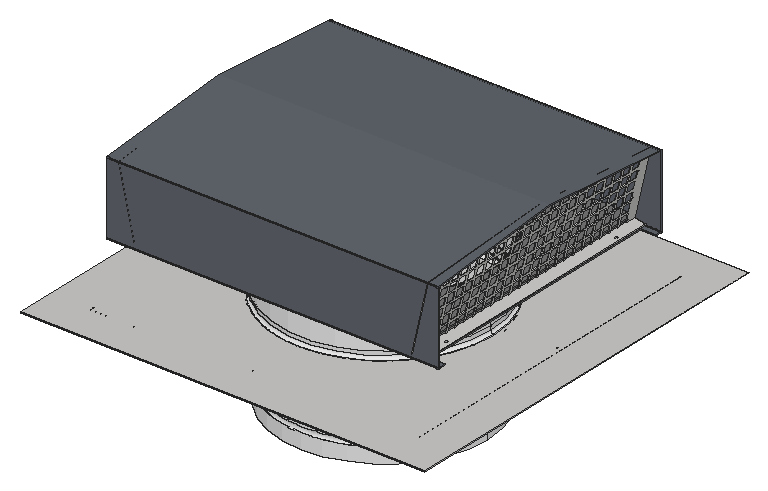
Revit family "315mm Roof Terminals BIM File", category Air Terminals, Revit 2024
Family settings
  Round Connector Dimension = Use Diameter
  Part Type = Normal
  Work Plane-Based = No
  Always vertical = Yes
  Cut with Voids When Loaded = No
  Maintain Annotation Orientation = No
  Shared = No
  Room Calculation Point = No
Parameters (values of type "315mm dia Slate Roof Terminal")
  URL = "http://www.arflow.com"
  Part number = "90001405"
  Pressure = 100.0 Pa
  Product name = "315mm Slate Roof Terminal"
  Manufacturer's name = "Airflow"
  Model = "315mm Slate Roof Terminal"
  Product URL link = "https://www.airflow.com/product/roof-cowls-and-slates/90001405"
  Manufacturer's URL link = "http://www.airflow.com"
  Installation instructions URL link = "https://www.airflow.com/product/roof-cowls-and-slates/90001405"
  Roof height (mm) = "140"  # constant formula
  Cap height (mm) = "82"  # constant formula
  Manufacturer = "Airflow"
  Manufacturer email = "info@airflow.com"
  Material 4 = ANJ010016 4
  Material 3 = ANJ010016 3'
  Material 2 = ANJ010016 2
  Material 1 = ANJ010016 1
  Extract air flow at 20 Pa (m3/h) = "1800"  # constant formula
  Supply air flow at 20 Pa (m3/h) = "1100"  # constant formula
  Flow rate = 236.111 L/s
  Lead dimensions (mm) = "590x590"  # constant formula
  Cap dimensions (mm) = "420x500"  # constant formula
  Connection diameter = 315 mm  # constant formula
  Default Elevation = 0 mm
Types (3, lengths in mm): name | URL | Part number | Product name | Model | Product URL link | Installation instructions URL link | Material 3 | Flow rate
  (no name) | "http://www.arflow.com" | "90001405" | "315mm Slate Roof Terminal" | "315mm Slate Roof Terminal" | "https://www.airflow.com/product/roof-cowls-and-slates/90001405" | "https://www.airflow.com/product/roof-cowls-and-slates/90001405" | ANJ010016 3' | 236.111 L/s
  315mm dia Terracotta Roof Terminal | "http://www.airflow.com" | "90001406" | "315mm Terracotta Roof Terminal" | "315mm Terracotta Roof Terminal" | "https://www.airflow.com/product/roof-cowls-and-slates/90001406" | "https://www.airflow.com/product/roof-cowls-and-slates/90001406" | ANJ010016 3 | 305.56 L/s
  315mm dia Slate Roof Terminal | "http://www.arflow.com" | "90001405" | "315mm Slate Roof Terminal" | "315mm Slate Roof Terminal" | "https://www.airflow.com/product/roof-cowls-and-slates/90001405" | "https://www.airflow.com/product/roof-cowls-and-slates/90001405" | ANJ010016 3' | 236.111 L/s
Reference planes
  plane 1 "Center (Front/Back)": y = 0
  plane 2: z = 0
  plane 3 "Center (Left/Right)": x = 0
Nested families
  nested 1: "ANJ010016 CTM" at (0, 0, 0), type "ANJ010016 CTM"
Connectors
  hvac at (0, 0, 0), driven by "Connection diameter", driven by "Flow rate", driven by "Pressure"
    settings: on level, index 1, duct flow 236.111 L/s, flow factor 0, pres drop 100.0 Pa, loss coef 0, conn angle 0.00°, conn width 304.8 mm, conn height 304.8 mm, conn diameter 315 mm, duct sys type 4, conn prof type 0, flow config 0, flow direction 0, loss method 4, conn ref index -1, conn util no, is conn primary yes, conn desc ""
Definition of nested family "ANJ010016 CTM"
  Parameters (values of type "ANJ010016 CTM")
    Version = "3"
    URL = "http://www.anjos-ventilation.com/"
    Polantis code = "ANJ010016"
    Model = "CTM"
    Manufacturer = "Anjos Ventilation"
    Email fabricant = "contact@anjos-ventilation.com "
    Matériel 4 = none
    Matériel 3 = none
    Matériel 2 = none
    Matériel 1 = none
    Débit à 20 Pa en rejet = ""
    Débit à 20 Pa en prise d'air = ""
    Default Elevation = 0 mm
  Reference planes
    plane 1 "Center (Front/Back)": y = 0
    plane 2: z = 0
    plane 3 "Center (Left/Right)": x = 0
  Forms (mm)
    Revolve 1, solid, material <- "Matériel 1"
      sketch origin (0, 0, 231.331) x (1, 0, 0) y (0, 0, 1)
        loop
          line (155.04, -68.331) -> (155.04, -86.566)
          arc (155.04, -86.566) -> (160.48, -93.301) -> (155.04, -100.037) r 6.89
          line (155.04, -100.037) -> (155.04, -182.813)
          arc (155.04, -182.813) -> (153.507, -187.462) -> (155.04, -192.111) r 7.819
          line (155.04, -192.111) -> (155.04, -199.729)
          arc (155.04, -199.729) -> (153.436, -204.534) -> (155.04, -209.339) r 8.001
          line (155.04, -209.339) -> (155.04, -231.331) -> (156.04, -231.331) -> (156.04, -208.993)
          arc (156.04, -208.993) -> (154.436, -204.534) -> (156.04, -200.075) r 7.001
          line (156.04, -200.075) -> (156.04, -191.769)
          arc (156.04, -191.769) -> (154.507, -187.462) -> (156.04, -183.155) r 6.819
          line (156.04, -183.155) -> (156.04, -100.801)
          arc (156.04, -100.801) -> (161.48, -93.301) -> (156.04, -85.801) r 7.89
          line (156.04, -85.801) -> (156.04, -68.331) -> (155.04, -68.331)
        axis (0, -68.331) -> (0, -231.331)
      angle from 0 to 360
    Extrusion 2, solid, material <- "Matériel 3"
      sketch origin (0, 0, 231.331) x (0, 0, 1) y (0, -1, 0)
        loop
          arc (100.218, -209.812) -> (118.852, -0.052) -> (100.218, 209.708) r 1189.895
          arc (100.218, 209.708) -> (99.622, 210.405) -> (98.71, 210.5) r 1.238
          line (98.71, 210.5) -> (-9.796, 210.5)
          arc (-9.796, 210.5) -> (-10.747, 209.806) -> (-10.75, 208.628) r 1.302
          line (-10.75, 208.628) -> (-9.75, 208.628)
          arc (-9.75, 208.628) -> (-9.761, 209.147) -> (-9.38, 209.5) r 0.632
          line (-9.38, 209.5) -> (98.491, 209.5)
          arc (98.491, 209.5) -> (99.147, 209.228) -> (99.419, 208.572) r 0.928
          arc (99.419, 208.572) -> (117.38, -0.099) -> (99.419, -208.769) r 1221.188
          arc (99.419, -208.769) -> (99.284, -209.215) -> (98.912, -209.494) r 0.747
          line (98.912, -209.494) -> (-8.365, -209.494)
          arc (-8.365, -209.494) -> (-9.088, -209.491) -> (-9.75, -209.2) r 1.781
          line (-9.75, -209.2) -> (-10.75, -209.2)
          arc (-10.75, -209.2) -> (-10.609, -210.033) -> (-9.906, -210.5) r 1.062
          line (-9.906, -210.5) -> (99.46, -210.5)
          arc (99.46, -210.5) -> (99.971, -210.302) -> (100.218, -209.812) r 0.761
      from -250 to 250
    Extrusion 3, solid, material <- "Matériel 4"
      sketch origin (-69.135, 0, 264.484) x (-0.224951, 0, 0.97437) y (0, 1, 0)
        loop
          line (-5.373, -160.5) -> (-5.373, -162.5) -> (9.559, -162.5) -> (9.559, -177.5) -> (-5.373, -177.5) -> (-5.373, -179.5) -> (9.559, -179.5) -> (9.559, -194.5) -> (-5.373, -194.5) -> (-5.373, -209.5) -> (101.141, -209.5)
          arc (101.141, -209.5) -> (119.263, -0.004) -> (101.177, 209.494) r 1221.188
          line (101.177, 209.494) -> (-5.373, 209.494) -> (-5.373, 194.5) -> (9.559, 194.5) -> (9.559, 179.5) -> (-5.373, 179.5) -> (-5.373, 177.5) -> (9.559, 177.5) -> (9.559, 162.5) -> (-5.373, 162.5) -> (-5.373, 160.5) -> (9.559, 160.5) -> (9.559, 145.5) -> (-5.373, 145.5) -> (-5.373, 143.5) -> (9.559, 143.5) -> (9.559, 128.5) -> (-5.373, 128.5) -> (-5.373, 126.5) -> (9.559, 126.5) -> (9.559, 111.5) -> (-5.373, 111.5) -> (-5.373, 109.5) -> (9.559, 109.5) -> (9.559, 94.5) -> (-5.373, 94.5) -> (-5.373, 92.5) -> (9.559, 92.5) -> (9.559, 77.5) -> (-5.373, 77.5) -> (-5.373, 75.5) -> (9.559, 75.5) -> (9.559, 60.5) -> (-5.373, 60.5) -> (-5.373, 58.5) -> (9.559, 58.5) -> (9.559, 43.5) -> (-5.373, 43.5) -> (-5.373, 41.5) -> (9.559, 41.5) -> (9.559, 26.5) -> (-5.373, 26.5) -> (-5.373, 24.5) -> (9.559, 24.5) -> (9.559, 9.5) -> (-5.373, 9.5) -> (-5.373, 7.5) -> (9.559, 7.5) -> (9.559, -7.5) -> (-5.373, -7.5) -> (-5.373, -9.5) -> (9.559, -9.5) -> (9.559, -24.5) -> (-5.373, -24.5) -> (-5.373, -26.5) -> (9.559, -26.5) -> (9.559, -41.5) -> (-5.373, -41.5) -> (-5.373, -43.5) -> (9.559, -43.5) -> (9.559, -58.5) -> (-5.373, -58.5) -> (-5.373, -60.5) -> (9.559, -60.5) -> (9.559, -75.5) -> (-5.373, -75.5) -> (-5.373, -77.5) -> (9.559, -77.5) -> (9.559, -92.5) -> (-5.373, -92.5) -> (-5.373, -94.5) -> (9.559, -94.5) -> (9.559, -109.5) -> (-5.373, -109.5) -> (-5.373, -111.5) -> (9.559, -111.5) -> (9.559, -126.5) -> (-5.373, -126.5) -> (-5.373, -128.5) -> (9.559, -128.5) -> (9.559, -143.5) -> (-5.373, -143.5) -> (-5.373, -145.5) -> (9.559, -145.5) -> (9.559, -160.5) -> (-5.373, -160.5)
        loop
          line (96.925, -160.5) -> (96.925, -145.5) -> (77.953, -145.5) -> (77.953, -160.5) -> (96.925, -160.5)
        loop
          line (59.065, -160.5) -> (59.065, -145.5) -> (44.504, -145.5) -> (44.504, -160.5) -> (59.065, -160.5)
        loop
          line (42.563, -160.5) -> (42.563, -145.5) -> (28.029, -145.5) -> (28.029, -160.5) -> (42.563, -160.5)
        loop
          line (26.061, -160.5) -> (26.061, -145.5) -> (11.5, -145.5) -> (11.5, -160.5) -> (26.061, -160.5)
        loop
          line (26.061, -143.5) -> (26.061, -128.5) -> (11.5, -128.5) -> (11.5, -143.5) -> (26.061, -143.5)
        loop
          line (28.029, -143.5) -> (42.563, -143.5) -> (42.563, -128.5) -> (28.029, -128.5) -> (28.029, -143.5)
        loop
          line (44.504, -143.5) -> (59.065, -143.5) -> (59.065, -128.5) -> (44.504, -128.5) -> (44.504, -143.5)
        loop
          line (101.827, -143.5) -> (101.827, -128.5) -> (77.953, -128.5) -> (77.953, -143.5) -> (101.827, -143.5)
        loop
          line (92.567, -94.5) -> (77.953, -94.5) -> (77.953, -109.5) -> (92.567, -109.5) -> (92.567, -94.5)
        loop
          line (59.065, -94.5) -> (44.504, -94.5) -> (44.504, -109.5) -> (59.065, -109.5) -> (59.065, -94.5)
        loop
          line (42.563, -94.5) -> (28.029, -94.5) -> (28.029, -109.5) -> (42.563, -109.5) -> (42.563, -94.5)
        loop
          line (26.061, -94.5) -> (11.5, -94.5) -> (11.5, -109.5) -> (26.061, -109.5) -> (26.061, -94.5)
        loop
          line (26.061, -111.5) -> (11.5, -111.5) -> (11.5, -126.5) -> (26.061, -126.5) -> (26.061, -111.5)
        loop
          line (28.029, -111.5) -> (28.029, -126.5) -> (42.563, -126.5) -> (42.563, -111.5) -> (28.029, -111.5)
        loop
          line (44.504, -111.5) -> (44.504, -126.5) -> (59.065, -126.5) -> (59.065, -111.5) -> (44.504, -111.5)
        loop
          line (92.567, -111.5) -> (77.953, -111.5) -> (77.953, -126.5) -> (92.567, -126.5) -> (92.567, -111.5)
        loop
          line (92.567, -92.5) -> (92.567, -77.5) -> (77.953, -77.5) -> (77.953, -92.5) -> (92.567, -92.5)
        loop
          line (59.065, -92.5) -> (59.065, -77.5) -> (44.504, -77.5) -> (44.504, -92.5) -> (59.065, -92.5)
        loop
          line (42.563, -92.5) -> (42.563, -77.5) -> (28.029, -77.5) -> (28.029, -92.5) -> (42.563, -92.5)
        loop
          line (26.061, -92.5) -> (26.061, -77.5) -> (11.5, -77.5) -> (11.5, -92.5) -> (26.061, -92.5)
        loop
          line (26.061, -75.5) -> (26.061, -60.5) -> (11.5, -60.5) -> (11.5, -75.5) -> (26.061, -75.5)
        loop
          line (28.029, -75.5) -> (42.563, -75.5) -> (42.563, -60.5) -> (28.029, -60.5) -> (28.029, -75.5)
        loop
          line (44.504, -75.5) -> (59.065, -75.5) -> (59.065, -60.5) -> (44.504, -60.5) -> (44.504, -75.5)
        loop
          line (92.52, -75.5) -> (92.52, -60.5) -> (77.953, -60.5) -> (77.953, -75.5) -> (92.52, -75.5)
        loop
          line (92.567, -26.5) -> (77.953, -26.5) -> (77.953, -41.5) -> (92.567, -41.5) -> (92.567, -26.5)
        loop
          line (59.065, -26.5) -> (44.504, -26.5) -> (44.504, -41.5) -> (59.065, -41.5) -> (59.065, -26.5)
        loop
          line (42.563, -26.5) -> (28.029, -26.5) -> (28.029, -41.5) -> (42.563, -41.5) -> (42.563, -26.5)
        loop
          line (26.061, -26.5) -> (11.5, -26.5) -> (11.5, -41.5) -> (26.061, -41.5) -> (26.061, -26.5)
        loop
          line (26.061, -43.5) -> (11.5, -43.5) -> (11.5, -58.5) -> (26.061, -58.5) -> (26.061, -43.5)
        loop
          line (28.029, -43.5) -> (28.029, -58.5) -> (42.563, -58.5) -> (42.563, -43.5) -> (28.029, -43.5)
        loop
          line (44.504, -43.5) -> (44.504, -58.5) -> (59.065, -58.5) -> (59.065, -43.5) -> (44.504, -43.5)
        loop
          line (92.52, -43.5) -> (77.953, -43.5) -> (77.953, -58.5) -> (92.52, -58.5) -> (92.52, -43.5)
        loop
          line (92.567, -24.5) -> (92.567, -9.5) -> (77.953, -9.5) -> (77.953, -24.5) -> (92.567, -24.5)
        loop
          line (59.065, -24.5) -> (59.065, -9.5) -> (44.504, -9.5) -> (44.504, -24.5) -> (59.065, -24.5)
        loop
          line (42.563, -24.5) -> (42.563, -9.5) -> (28.029, -9.5) -> (28.029, -24.5) -> (42.563, -24.5)
        loop
          line (26.061, -24.5) -> (26.061, -9.5) -> (11.5, -9.5) -> (11.5, -24.5) -> (26.061, -24.5)
        loop
          line (26.061, -7.5) -> (26.061, 7.5) -> (11.5, 7.5) -> (11.5, -7.5) -> (26.061, -7.5)
        loop
          line (28.029, -7.5) -> (42.563, -7.5) -> (42.563, 7.5) -> (28.029, 7.5) -> (28.029, -7.5)
        loop
          line (44.504, -7.5) -> (59.065, -7.5) -> (59.065, 7.5) -> (44.504, 7.5) -> (44.504, -7.5)
        loop
          line (92.52, -7.5) -> (92.52, 7.5) -> (77.953, 7.5) -> (77.953, -7.5) -> (92.52, -7.5)
        loop
          line (92.567, 41.5) -> (77.953, 41.5) -> (77.953, 26.5) -> (92.567, 26.5) -> (92.567, 41.5)
        loop
          line (59.065, 41.5) -> (44.504, 41.5) -> (44.504, 26.5) -> (59.065, 26.5) -> (59.065, 41.5)
        loop
          line (42.563, 41.5) -> (28.029, 41.5) -> (28.029, 26.5) -> (42.563, 26.5) -> (42.563, 41.5)
        loop
          line (26.061, 41.5) -> (11.5, 41.5) -> (11.5, 26.5) -> (26.061, 26.5) -> (26.061, 41.5)
        loop
          line (26.061, 24.5) -> (11.5, 24.5) -> (11.5, 9.5) -> (26.061, 9.5) -> (26.061, 24.5)
        loop
          line (28.029, 24.5) -> (28.029, 9.5) -> (42.563, 9.5) -> (42.563, 24.5) -> (28.029, 24.5)
        loop
          line (44.504, 24.5) -> (44.504, 9.5) -> (59.065, 9.5) -> (59.065, 24.5) -> (44.504, 24.5)
        loop
          line (92.567, 24.5) -> (77.953, 24.5) -> (77.953, 9.5) -> (92.567, 9.5) -> (92.567, 24.5)
        loop
          line (92.567, 43.5) -> (92.567, 58.5) -> (77.953, 58.5) -> (77.953, 43.5) -> (92.567, 43.5)
        loop
          line (59.065, 43.5) -> (59.065, 58.5) -> (44.504, 58.5) -> (44.504, 43.5) -> (59.065, 43.5)
        loop
          line (42.563, 43.5) -> (42.563, 58.5) -> (28.029, 58.5) -> (28.029, 43.5) -> (42.563, 43.5)
        loop
          line (26.061, 43.5) -> (26.061, 58.5) -> (11.5, 58.5) -> (11.5, 43.5) -> (26.061, 43.5)
        loop
          line (26.061, 60.5) -> (26.061, 75.5) -> (11.5, 75.5) -> (11.5, 60.5) -> (26.061, 60.5)
        loop
          line (28.029, 60.5) -> (42.563, 60.5) -> (42.563, 75.5) -> (28.029, 75.5) -> (28.029, 60.5)
        loop
          line (44.504, 60.5) -> (59.065, 60.5) -> (59.065, 75.5) -> (44.504, 75.5) -> (44.504, 60.5)
        loop
          line (92.567, 60.5) -> (92.567, 75.5) -> (77.953, 75.5) -> (77.953, 60.5) -> (92.567, 60.5)
        loop
          line (92.567, 109.5) -> (77.94, 109.5) -> (77.94, 94.5) -> (92.567, 94.5) -> (92.567, 109.5)
        loop
          line (59.065, 109.5) -> (44.504, 109.5) -> (44.504, 94.5) -> (59.065, 94.5) -> (59.065, 109.5)
        loop
          line (42.563, 109.5) -> (28.029, 109.5) -> (28.029, 94.5) -> (42.563, 94.5) -> (42.563, 109.5)
        loop
          line (26.061, 109.5) -> (11.5, 109.5) -> (11.5, 94.5) -> (26.061, 94.5) -> (26.061, 109.5)
        loop
          line (26.061, 92.5) -> (11.5, 92.5) -> (11.5, 77.5) -> (26.061, 77.5) -> (26.061, 92.5)
        loop
          line (28.029, 92.5) -> (28.029, 77.5) -> (42.563, 77.5) -> (42.563, 92.5) -> (28.029, 92.5)
        loop
          line (44.504, 92.5) -> (44.504, 77.5) -> (59.065, 77.5) -> (59.065, 92.5) -> (44.504, 92.5)
        loop
          line (92.567, 92.5) -> (77.953, 92.5) -> (77.953, 77.5) -> (92.567, 77.5) -> (92.567, 92.5)
        loop
          line (92.567, 111.5) -> (92.567, 126.5) -> (77.963, 126.5) -> (77.963, 111.5) -> (92.567, 111.5)
        loop
          line (59.065, 111.5) -> (59.065, 126.5) -> (44.504, 126.5) -> (44.504, 111.5) -> (59.065, 111.5)
        loop
          line (42.563, 111.5) -> (42.563, 126.5) -> (28.029, 126.5) -> (28.029, 111.5) -> (42.563, 111.5)
        loop
          line (26.061, 111.5) -> (26.061, 126.5) -> (11.5, 126.5) -> (11.5, 111.5) -> (26.061, 111.5)
        loop
          line (26.061, 128.5) -> (26.061, 143.5) -> (11.5, 143.5) -> (11.5, 128.5) -> (26.061, 128.5)
        loop
          line (28.029, 128.5) -> (42.563, 128.5) -> (42.563, 143.5) -> (28.029, 143.5) -> (28.029, 128.5)
        loop
          line (44.504, 128.5) -> (59.065, 128.5) -> (59.065, 143.5) -> (44.504, 143.5) -> (44.504, 128.5)
        loop
          line (101.827, 128.5) -> (101.827, 143.5) -> (77.963, 143.5) -> (77.963, 128.5) -> (101.827, 128.5)
        loop
          line (26.061, 160.5) -> (11.5, 160.5) -> (11.5, 145.5) -> (26.061, 145.5) -> (26.061, 160.5)
        loop
          line (28.029, 160.5) -> (28.029, 145.5) -> (42.563, 145.5) -> (42.563, 160.5) -> (28.029, 160.5)
        loop
          line (44.937, 160.5) -> (44.937, 145.5) -> (59.065, 145.5) -> (59.065, 160.5) -> (44.937, 160.5)
        loop
          line (99.046, 160.5) -> (77.94, 160.5) -> (77.94, 145.5) -> (99.046, 145.5) -> (99.046, 160.5)
        loop
          line (105.04, -126.5) -> (105.04, -111.5) -> (95.295, -111.5) -> (95.295, -126.5) -> (105.04, -126.5)
        loop
          line (107.836, -109.5) -> (107.836, -94.5) -> (95.281, -94.5) -> (95.281, -109.5) -> (107.836, -109.5)
        loop
          line (110.263, -92.5) -> (110.263, -77.5) -> (95.267, -77.5) -> (95.267, -92.5) -> (110.263, -92.5)
        loop
          line (112.185, -75.5) -> (112.185, -60.5) -> (95.295, -60.5) -> (95.295, -75.5) -> (112.185, -75.5)
        loop
          line (113.981, -58.5) -> (113.981, -43.5) -> (95.294, -43.5) -> (95.294, -58.5) -> (113.981, -58.5)
        loop
          line (114.922, -41.5) -> (114.922, -26.5) -> (95.295, -26.5) -> (95.295, -41.5) -> (114.922, -41.5)
        loop
          line (115.689, -24.5) -> (115.689, -9.5) -> (95.295, -9.5) -> (95.295, -24.5) -> (115.689, -24.5)
        loop
          line (116.174, -7.5) -> (116.174, 7.5) -> (95.295, 7.5) -> (95.295, -7.5) -> (116.174, -7.5)
        loop
          line (95.295, 9.5) -> (115.727, 9.5) -> (115.727, 24.5) -> (95.295, 24.5) -> (95.295, 9.5)
        loop
          line (95.295, 26.5) -> (114.922, 26.5) -> (114.922, 41.5) -> (95.295, 41.5) -> (95.295, 26.5)
        loop
          line (113.981, 43.5) -> (113.981, 58.5) -> (95.297, 58.5) -> (95.297, 43.5) -> (113.981, 43.5)
        loop
          line (112.185, 60.5) -> (112.185, 75.5) -> (95.295, 75.5) -> (95.295, 60.5) -> (112.185, 60.5)
        loop
          line (110.263, 77.5) -> (110.263, 92.5) -> (95.295, 92.5) -> (95.295, 77.5) -> (110.263, 77.5)
        loop
          line (107.836, 94.5) -> (107.836, 109.5) -> (95.295, 109.5) -> (95.295, 94.5) -> (107.836, 94.5)
        loop
          line (105.04, 111.5) -> (105.04, 126.5) -> (95.293, 126.5) -> (95.293, 111.5) -> (105.04, 111.5)
        loop
          line (26.061, 177.5) -> (11.5, 177.5) -> (11.5, 162.5) -> (26.061, 162.5) -> (26.061, 177.5)
        loop
          line (28.029, 177.5) -> (28.029, 162.5) -> (42.563, 162.5) -> (42.563, 177.5) -> (28.029, 177.5)
        loop
          line (44.937, 177.5) -> (44.937, 162.5) -> (59.065, 162.5) -> (59.065, 177.5) -> (44.937, 177.5)
        loop
          line (96.925, 177.5) -> (77.953, 177.5) -> (77.953, 162.5) -> (96.925, 162.5) -> (96.925, 177.5)
        loop
          line (26.061, 194.5) -> (11.5, 194.5) -> (11.5, 179.5) -> (26.061, 179.5) -> (26.061, 194.5)
        loop
          line (28.029, 194.5) -> (28.029, 179.5) -> (42.563, 179.5) -> (42.563, 194.5) -> (28.029, 194.5)
        loop
          line (44.937, 194.5) -> (44.937, 179.5) -> (59.065, 179.5) -> (59.065, 194.5) -> (44.937, 194.5)
        loop
          line (93.861, 194.5) -> (77.965, 194.5) -> (77.965, 179.5) -> (93.861, 179.5) -> (93.861, 194.5)
        loop
          line (26.061, -177.5) -> (26.061, -162.5) -> (11.5, -162.5) -> (11.5, -177.5) -> (26.061, -177.5)
        loop
          line (28.029, -177.5) -> (42.563, -177.5) -> (42.563, -162.5) -> (28.029, -162.5) -> (28.029, -177.5)
        loop
          line (44.937, -177.5) -> (59.065, -177.5) -> (59.065, -162.5) -> (44.937, -162.5) -> (44.937, -177.5)
        loop
          line (96.925, -177.5) -> (96.925, -162.5) -> (77.953, -162.5) -> (77.953, -177.5) -> (96.925, -177.5)
        loop
          line (26.061, -194.5) -> (26.061, -179.5) -> (11.5, -179.5) -> (11.5, -194.5) -> (26.061, -194.5)
        loop
          line (28.029, -194.5) -> (42.563, -194.5) -> (42.563, -179.5) -> (28.029, -179.5) -> (28.029, -194.5)
        loop
          line (44.937, -194.5) -> (59.065, -194.5) -> (59.065, -179.5) -> (44.937, -179.5) -> (44.937, -194.5)
        loop
          line (93.861, -194.5) -> (93.861, -179.5) -> (77.953, -179.5) -> (77.953, -194.5) -> (93.861, -194.5)
        loop
          line (75.565, -160.5) -> (75.565, -145.5) -> (61.004, -145.5) -> (61.004, -160.5) -> (75.565, -160.5)
        loop
          line (61.004, -143.5) -> (75.565, -143.5) -> (75.565, -128.5) -> (61.004, -128.5) -> (61.004, -143.5)
        loop
          line (75.565, -94.5) -> (61.004, -94.5) -> (61.004, -109.5) -> (75.565, -109.5) -> (75.565, -94.5)
        loop
          line (61.004, -111.5) -> (61.004, -126.5) -> (75.565, -126.5) -> (75.565, -111.5) -> (61.004, -111.5)
        loop
          line (75.565, -92.5) -> (75.565, -77.5) -> (61.004, -77.5) -> (61.004, -92.5) -> (75.565, -92.5)
        loop
          line (61.004, -75.5) -> (75.565, -75.5) -> (75.565, -60.5) -> (61.004, -60.5) -> (61.004, -75.5)
        loop
          line (75.565, -26.5) -> (61.004, -26.5) -> (61.004, -41.5) -> (75.565, -41.5) -> (75.565, -26.5)
        loop
          line (61.004, -43.5) -> (61.004, -58.5) -> (75.565, -58.5) -> (75.565, -43.5) -> (61.004, -43.5)
        loop
          line (75.565, -24.5) -> (75.565, -9.5) -> (61.004, -9.5) -> (61.004, -24.5) -> (75.565, -24.5)
        loop
          line (61.004, -7.5) -> (75.565, -7.5) -> (75.565, 7.5) -> (61.004, 7.5) -> (61.004, -7.5)
        loop
          line (75.565, 41.5) -> (61.004, 41.5) -> (61.004, 26.5) -> (75.565, 26.5) -> (75.565, 41.5)
        loop
          line (61.004, 24.5) -> (61.004, 9.5) -> (75.565, 9.5) -> (75.565, 24.5) -> (61.004, 24.5)
        loop
          line (75.565, 43.5) -> (75.565, 58.5) -> (61.004, 58.5) -> (61.004, 43.5) -> (75.565, 43.5)
        loop
          line (61.004, 60.5) -> (75.565, 60.5) -> (75.565, 75.5) -> (61.004, 75.5) -> (61.004, 60.5)
        loop
          line (75.565, 109.5) -> (61.004, 109.5) -> (61.004, 94.5) -> (75.565, 94.5) -> (75.565, 109.5)
        loop
          line (61.004, 92.5) -> (61.004, 77.5) -> (75.565, 77.5) -> (75.565, 92.5) -> (61.004, 92.5)
        loop
          line (75.565, 111.5) -> (75.565, 126.5) -> (61.004, 126.5) -> (61.004, 111.5) -> (75.565, 111.5)
        loop
          line (61.004, 128.5) -> (75.565, 128.5) -> (75.565, 143.5) -> (61.004, 143.5) -> (61.004, 128.5)
        loop
          line (61.437, 160.5) -> (61.437, 145.5) -> (75.565, 145.5) -> (75.565, 160.5) -> (61.437, 160.5)
        loop
          line (61.437, 177.5) -> (61.437, 162.5) -> (75.565, 162.5) -> (75.565, 177.5) -> (61.437, 177.5)
        loop
          line (61.437, 194.5) -> (61.437, 179.5) -> (75.565, 179.5) -> (75.565, 194.5) -> (61.437, 194.5)
        loop
          line (61.437, -177.5) -> (75.565, -177.5) -> (75.565, -162.5) -> (61.437, -162.5) -> (61.437, -177.5)
        loop
          line (61.437, -194.5) -> (75.565, -194.5) -> (75.565, -179.5) -> (61.437, -179.5) -> (61.437, -194.5)
      from 144.44 to 145.528
    Extrusion 4, solid, material <- "Matériel 4"
      sketch origin (-68.708, 0, 261.057) x (0.978148, 0, 0.207912) y (0, -1, 0)
        loop
          line (-163, 209.5) -> (-163, -209.494) -> (-145.122, -209.494) -> (-145.122, 209.5) -> (-163, 209.5)
        loop
          circle (-157.496, 160.006) r 1.745
        loop
          circle (-157.506, -159.999) r 1.744
      from 3.495 to 4.698
    Extrusion 5, solid, material <- "Matériel 3"
      sketch origin (0, 43.5, 210.831) x (0, -1, 0) y (1, 0, 0)
        loop
          line (-155.5, -250) -> (-155.5, 250) -> (-165.7, 250) -> (-165.7, -250) -> (-155.5, -250)
        loop
          circle (-160.001, -156.914) r 1.765
        loop
          circle (-159.96, 0.074) r 1.724
        loop
          arc (-158.4, 157.71) -> (-160.756, 158.711) -> (-161.698, 156.33) r 1.788
          arc (-161.698, 156.33) -> (-159.359, 155.371) -> (-158.4, 157.71) r 1.788
      from 9.75 to 10.75
    Extrusion 6, solid, material <- "Matériel 3"
      sketch origin (0, -42.928, 210.831) x (0, -1, 0) y (1, 0, 0)
        loop
          line (155.5, -250) -> (165.7, -250) -> (165.7, 250) -> (155.5, 250) -> (155.5, -250)
        loop
          circle (160.001, -156.914) r 1.765
        loop
          circle (159.96, 0.074) r 1.724
        loop
          arc (158.4, 157.71) -> (159.359, 155.371) -> (161.698, 156.33) r 1.788
          arc (161.698, 156.33) -> (160.756, 158.711) -> (158.4, 157.71) r 1.788
      from 9.75 to 10.75
    Sweep 7, solid, material <- "Matériel 2"
      path origin (0, 0, 231.331) x (0, -1, 0) y (1, 0, 0)
        loop
          circle (0, 0) r 155
      profile origin (-155, 0, 231.331) x (1, 0, 0) y (0, 0, 1)
        loop
          line (-6.454, 0.043) -> (-6.454, -0.957)
          arc (-6.454, -0.957) -> (-3.584, -2.153) -> (-2.411, -5.033) r 4.043
          line (-2.411, -5.033) -> (-1.999, -10.925) -> (-0.472, -16.25) -> (0.568, -16.25) -> (-1.009, -10.75) -> (-1.411, -5)
          arc (-1.411, -5) -> (-2.888, -1.434) -> (-6.454, 0.043) r 5.043
    Extrusion 8, solid, material <- "Matériel 2"
      sketch origin (0, -0.014, 227.06) x (0, -1, 0) y (1, 0, 0)
        loop
          line (209.486, -209.5) -> (209.486, 209.5) -> (-209.509, 209.5) -> (-209.509, -209.5) -> (209.486, -209.5)
        loop
          circle (0, 0) r 161.5
      from 3.314 to 4.271
    Extrusion 9, solid, material <- "Matériel 2"
      sketch origin (0, 0, 231.331) x (0, 0, 1) y (0, -1, 0)
        loop
          line (0, -165) -> (-8.953, -165) -> (-8.953, -154.95) -> (-9.75, -154.95) -> (-9.75, -165)
          arc (-9.75, -165) -> (-9.53, -165.53) -> (-9, -165.75) r 0.75
          line (-9, -165.75) -> (-0.75, -165.75)
          arc (-0.75, -165.75) -> (-0.22, -165.53) -> (0, -165) r 0.75
      from -135 to 134.823
    Extrusion 10, solid, material <- "Matériel 2"
      sketch origin (-64.601, 0, 231.331) x (1, 0, 0) y (0, 0, 1)
        loop
          line (-153, -8.99) -> (-153, -9.971) -> (-135, -0.981) -> (-135, 0) -> (-153, -8.99)
      from -209.494 to 209.5
    Extrusion 11, solid, material <- "Matériel 2"
      sketch origin (-64.601, 0, 212.371) x (0, -1, 0) y (1, 0, 0)
        loop
          line (198.428, -163) -> (198.428, -153) -> (-199, -153) -> (-199, -163) -> (198.428, -163)
        loop
          circle (160.001, -157) r 1.749
        loop
          circle (-160, -157) r 1.75
      from 9 to 9.97
    Extrusion 12, solid, material <- "Matériel 4"
      sketch origin (0, 0.022, 55.646) x (0, -1, 0) y (1, 0, 0)
        loop
          line (305, -305) -> (305, 305) -> (-305, 305) -> (-305, -305) -> (305, -305)
        loop
          circle (0, 0) r 164.2
      from 87.389 to 88.289
    Extrusion 13, solid, material <- "Matériel 1"
      sketch origin (0, 0.022, 54.746) x (0, -1, 0) y (1, 0, 0)
        loop
          line (248.5, -248.5) -> (248.5, 248.5) -> (-248.5, 248.5) -> (-248.5, -248.5) -> (248.5, -248.5)
        loop
          arc (244.736, -242.739) -> (242.775, -241.261) -> (241.265, -243.227) r 1.753
          arc (241.265, -243.227) -> (243.246, -244.734) -> (244.736, -242.739) r 1.753
        loop
          circle (243, -1.8) r 1.75
        loop
          circle (243, 243) r 1.75
        loop
          circle (-21.992, 243) r 1.742
        loop
          circle (-243.007, 243) r 1.757
        loop
          arc (-241.383, 0.67) -> (-243.434, 1.681) -> (-244.77, -0.175) r 1.77
          arc (-244.77, -0.175) -> (-242.578, -1.754) -> (-241.383, 0.67) r 1.77
        loop
          arc (-241.25, -243) -> (-243.187, -241.22) -> (-244.711, -243.364) r 1.754
          arc (-244.711, -243.364) -> (-242.82, -244.708) -> (-241.25, -243) r 1.754
        loop
          arc (23.75, -243) -> (21.938, -241.239) -> (20.253, -243.122) r 1.751
          arc (20.253, -243.122) -> (22.06, -244.739) -> (23.75, -243) r 1.751
        loop
          circle (0, 0) r 162.1
      from 87.662 to 88.289
    Revolve 14, solid, material <- "Matériel 1"
      sketch origin (0, 0.001, 230.76) x (1, 0, 0) y (0, 0, 1)
        loop
          line (159.935, -3.422) -> (159.184, -3.694) -> (159.184, -79.958) -> (159.055, -81.808)
          arc (159.055, -81.808) -> (160.411, -85.826) -> (164.221, -87.689) r 5.506
          line (164.221, -87.689) -> (164.221, -86.825)
          arc (164.221, -86.825) -> (161.13, -85.225) -> (159.984, -81.939) r 4.706
          line (159.984, -81.939) -> (160.373, -76.372) -> (159.935, -3.422)
        axis (0, -3.422) -> (0, -87.689)
      angle from 0 to 360
    Extrusion 15, solid, material <- "Matériel 2"
      sketch origin (0.141, -57.547, 234.645) x (0, 0, 1) y (0, -1, 0)
        loop
          line (2, 118.5) -> (0, 118.5) -> (0, 99.241)
          arc (0, 99.241) -> (-0.803, 97.303) -> (-2.741, 96.5) r 2.741
          line (-2.741, 96.5) -> (-33, 96.5) -> (-33, 94.5) -> (-2, 94.5)
          arc (-2, 94.5) -> (0.828, 95.672) -> (2, 98.5) r 4
          line (2, 98.5) -> (2, 118.5)
      from -10.978 to 11.034
    Sweep 16, void
      path origin (-989.824, -504.306, 0) x (1, 0, 0) y (0, 1, 0)
        loop
          line (990.286, 358.96) -> (990.286, 343.96)
      profile origin (0.461, -152.846, 0) x (1, 0, 0) y (0, 0, 1)
        loop
          circle (-0.286, 212.416) r 2.5
    Extrusion 17, solid, material <- "Matériel 2"
      sketch origin (0.141, 57.547, 234.645) x (0, 0, 1) y (0, -1, 0)
        loop
          line (2, -118.5) -> (2, -98.5)
          arc (2, -98.5) -> (0.828, -95.672) -> (-2, -94.5) r 4
          line (-2, -94.5) -> (-33, -94.5) -> (-33, -96.5) -> (-2.741, -96.5)
          arc (-2.741, -96.5) -> (-0.803, -97.303) -> (0, -99.241) r 2.741
          line (0, -99.241) -> (0, -118.5) -> (2, -118.5)
      from -10.978 to 11.034
    Sweep 18, void
      path origin (-989.824, 504.306, 0) x (1, 0, 0) y (0, 1, 0)
        loop
          line (990.286, -358.96) -> (990.286, -343.96)
      profile origin (0.461, 152.846, 0) x (-1, 0, 0) y (0, 0, 1)
        loop
          circle (0.286, 212.416) r 2.5
    Extrusion 19, solid, material <- "Matériel 4"
      sketch origin (68.708, 0, 261.057) x (-0.978148, 0, 0.207912) y (0, 1, 0)
        loop
          line (-163, -209.5) -> (-145.122, -209.5) -> (-145.122, 209.494) -> (-163, 209.494) -> (-163, -209.5)
        loop
          circle (-157.496, -160.006) r 1.745
        loop
          circle (-157.506, 159.999) r 1.744
      from 3.495 to 4.698
    Extrusion 20, solid, material <- "Matériel 2"
      sketch origin (64.601, 0, 231.331) x (-1, 0, 0) y (0, 0, -1)
        loop
          line (-153, 8.99) -> (-135, 0) -> (-135, 0.981) -> (-153, 9.971) -> (-153, 8.99)
      from -209.494 to 209.5
    Extrusion 21, solid, material <- "Matériel 2"
      sketch origin (64.601, 0, 212.371) x (0, 1, 0) y (-1, 0, 0)
        loop
          line (-198.428, -163) -> (199, -163) -> (199, -153) -> (-198.428, -153) -> (-198.428, -163)
        loop
          circle (-160.001, -157) r 1.749
        loop
          circle (160, -157) r 1.75
      from 9 to 9.97
    Extrusion 22, solid, material <- "Matériel 4"
      sketch origin (69.135, 0, 264.484) x (0.224951, 0, 0.97437) y (0, -1, 0)
        loop
          line (-5.373, 160.5) -> (9.559, 160.5) -> (9.559, 145.5) -> (-5.373, 145.5) -> (-5.373, 143.5) -> (9.559, 143.5) -> (9.559, 128.5) -> (-5.373, 128.5) -> (-5.373, 126.5) -> (9.559, 126.5) -> (9.559, 111.5) -> (-5.373, 111.5) -> (-5.373, 109.5) -> (9.559, 109.5) -> (9.559, 94.5) -> (-5.373, 94.5) -> (-5.373, 92.5) -> (9.559, 92.5) -> (9.559, 77.5) -> (-5.373, 77.5) -> (-5.373, 75.5) -> (9.559, 75.5) -> (9.559, 60.5) -> (-5.373, 60.5) -> (-5.373, 58.5) -> (9.559, 58.5) -> (9.559, 43.5) -> (-5.373, 43.5) -> (-5.373, 41.5) -> (9.559, 41.5) -> (9.559, 26.5) -> (-5.373, 26.5) -> (-5.373, 24.5) -> (9.559, 24.5) -> (9.559, 9.5) -> (-5.373, 9.5) -> (-5.373, 7.5) -> (9.559, 7.5) -> (9.559, -7.5) -> (-5.373, -7.5) -> (-5.373, -9.5) -> (9.559, -9.5) -> (9.559, -24.5) -> (-5.373, -24.5) -> (-5.373, -26.5) -> (9.559, -26.5) -> (9.559, -41.5) -> (-5.373, -41.5) -> (-5.373, -43.5) -> (9.559, -43.5) -> (9.559, -58.5) -> (-5.373, -58.5) -> (-5.373, -60.5) -> (9.559, -60.5) -> (9.559, -75.5) -> (-5.373, -75.5) -> (-5.373, -77.5) -> (9.559, -77.5) -> (9.559, -92.5) -> (-5.373, -92.5) -> (-5.373, -94.5) -> (9.559, -94.5) -> (9.559, -109.5) -> (-5.373, -109.5) -> (-5.373, -111.5) -> (9.559, -111.5) -> (9.559, -126.5) -> (-5.373, -126.5) -> (-5.373, -128.5) -> (9.559, -128.5) -> (9.559, -143.5) -> (-5.373, -143.5) -> (-5.373, -145.5) -> (9.559, -145.5) -> (9.559, -160.5) -> (-5.373, -160.5) -> (-5.373, -162.5) -> (9.559, -162.5) -> (9.559, -177.5) -> (-5.373, -177.5) -> (-5.373, -179.5) -> (9.559, -179.5) -> (9.559, -194.5) -> (-5.373, -194.5) -> (-5.373, -209.494) -> (101.177, -209.494)
          arc (101.177, -209.494) -> (119.263, 0.004) -> (101.141, 209.5) r 1221.188
          line (101.141, 209.5) -> (-5.373, 209.5) -> (-5.373, 194.5) -> (9.559, 194.5) -> (9.559, 179.5) -> (-5.373, 179.5) -> (-5.373, 177.5) -> (9.559, 177.5) -> (9.559, 162.5) -> (-5.373, 162.5) -> (-5.373, 160.5)
        loop
          line (96.925, 160.5) -> (77.953, 160.5) -> (77.953, 145.5) -> (96.925, 145.5) -> (96.925, 160.5)
        loop
          line (59.065, 160.5) -> (44.504, 160.5) -> (44.504, 145.5) -> (59.065, 145.5) -> (59.065, 160.5)
        loop
          line (42.563, 160.5) -> (28.029, 160.5) -> (28.029, 145.5) -> (42.563, 145.5) -> (42.563, 160.5)
        loop
          line (26.061, 160.5) -> (11.5, 160.5) -> (11.5, 145.5) -> (26.061, 145.5) -> (26.061, 160.5)
        loop
          line (26.061, 143.5) -> (11.5, 143.5) -> (11.5, 128.5) -> (26.061, 128.5) -> (26.061, 143.5)
        loop
          line (28.029, 143.5) -> (28.029, 128.5) -> (42.563, 128.5) -> (42.563, 143.5) -> (28.029, 143.5)
        loop
          line (44.504, 143.5) -> (44.504, 128.5) -> (59.065, 128.5) -> (59.065, 143.5) -> (44.504, 143.5)
        loop
          line (101.827, 143.5) -> (77.953, 143.5) -> (77.953, 128.5) -> (101.827, 128.5) -> (101.827, 143.5)
        loop
          line (92.567, 94.5) -> (92.567, 109.5) -> (77.953, 109.5) -> (77.953, 94.5) -> (92.567, 94.5)
        loop
          line (59.065, 94.5) -> (59.065, 109.5) -> (44.504, 109.5) -> (44.504, 94.5) -> (59.065, 94.5)
        loop
          line (42.563, 94.5) -> (42.563, 109.5) -> (28.029, 109.5) -> (28.029, 94.5) -> (42.563, 94.5)
        loop
          line (26.061, 94.5) -> (26.061, 109.5) -> (11.5, 109.5) -> (11.5, 94.5) -> (26.061, 94.5)
        loop
          line (26.061, 111.5) -> (26.061, 126.5) -> (11.5, 126.5) -> (11.5, 111.5) -> (26.061, 111.5)
        loop
          line (28.029, 111.5) -> (42.563, 111.5) -> (42.563, 126.5) -> (28.029, 126.5) -> (28.029, 111.5)
        loop
          line (44.504, 111.5) -> (59.065, 111.5) -> (59.065, 126.5) -> (44.504, 126.5) -> (44.504, 111.5)
        loop
          line (92.567, 111.5) -> (92.567, 126.5) -> (77.953, 126.5) -> (77.953, 111.5) -> (92.567, 111.5)
        loop
          line (92.567, 92.5) -> (77.953, 92.5) -> (77.953, 77.5) -> (92.567, 77.5) -> (92.567, 92.5)
        loop
          line (59.065, 92.5) -> (44.504, 92.5) -> (44.504, 77.5) -> (59.065, 77.5) -> (59.065, 92.5)
        loop
          line (42.563, 92.5) -> (28.029, 92.5) -> (28.029, 77.5) -> (42.563, 77.5) -> (42.563, 92.5)
        loop
          line (26.061, 92.5) -> (11.5, 92.5) -> (11.5, 77.5) -> (26.061, 77.5) -> (26.061, 92.5)
        loop
          line (26.061, 75.5) -> (11.5, 75.5) -> (11.5, 60.5) -> (26.061, 60.5) -> (26.061, 75.5)
        loop
          line (28.029, 75.5) -> (28.029, 60.5) -> (42.563, 60.5) -> (42.563, 75.5) -> (28.029, 75.5)
        loop
          line (44.504, 75.5) -> (44.504, 60.5) -> (59.065, 60.5) -> (59.065, 75.5) -> (44.504, 75.5)
        loop
          line (92.52, 75.5) -> (77.953, 75.5) -> (77.953, 60.5) -> (92.52, 60.5) -> (92.52, 75.5)
        loop
          line (92.567, 26.5) -> (92.567, 41.5) -> (77.953, 41.5) -> (77.953, 26.5) -> (92.567, 26.5)
        loop
          line (59.065, 26.5) -> (59.065, 41.5) -> (44.504, 41.5) -> (44.504, 26.5) -> (59.065, 26.5)
        loop
          line (42.563, 26.5) -> (42.563, 41.5) -> (28.029, 41.5) -> (28.029, 26.5) -> (42.563, 26.5)
        loop
          line (26.061, 26.5) -> (26.061, 41.5) -> (11.5, 41.5) -> (11.5, 26.5) -> (26.061, 26.5)
        loop
          line (26.061, 43.5) -> (26.061, 58.5) -> (11.5, 58.5) -> (11.5, 43.5) -> (26.061, 43.5)
        loop
          line (28.029, 43.5) -> (42.563, 43.5) -> (42.563, 58.5) -> (28.029, 58.5) -> (28.029, 43.5)
        loop
          line (44.504, 43.5) -> (59.065, 43.5) -> (59.065, 58.5) -> (44.504, 58.5) -> (44.504, 43.5)
        loop
          line (92.52, 43.5) -> (92.52, 58.5) -> (77.953, 58.5) -> (77.953, 43.5) -> (92.52, 43.5)
        loop
          line (92.567, 24.5) -> (77.953, 24.5) -> (77.953, 9.5) -> (92.567, 9.5) -> (92.567, 24.5)
        loop
          line (59.065, 24.5) -> (44.504, 24.5) -> (44.504, 9.5) -> (59.065, 9.5) -> (59.065, 24.5)
        loop
          line (42.563, 24.5) -> (28.029, 24.5) -> (28.029, 9.5) -> (42.563, 9.5) -> (42.563, 24.5)
        loop
          line (26.061, 24.5) -> (11.5, 24.5) -> (11.5, 9.5) -> (26.061, 9.5) -> (26.061, 24.5)
        loop
          line (26.061, 7.5) -> (11.5, 7.5) -> (11.5, -7.5) -> (26.061, -7.5) -> (26.061, 7.5)
        loop
          line (28.029, 7.5) -> (28.029, -7.5) -> (42.563, -7.5) -> (42.563, 7.5) -> (28.029, 7.5)
        loop
          line (44.504, 7.5) -> (44.504, -7.5) -> (59.065, -7.5) -> (59.065, 7.5) -> (44.504, 7.5)
        loop
          line (92.52, 7.5) -> (77.953, 7.5) -> (77.953, -7.5) -> (92.52, -7.5) -> (92.52, 7.5)
        loop
          line (92.567, -41.5) -> (92.567, -26.5) -> (77.953, -26.5) -> (77.953, -41.5) -> (92.567, -41.5)
        loop
          line (59.065, -41.5) -> (59.065, -26.5) -> (44.504, -26.5) -> (44.504, -41.5) -> (59.065, -41.5)
        loop
          line (42.563, -41.5) -> (42.563, -26.5) -> (28.029, -26.5) -> (28.029, -41.5) -> (42.563, -41.5)
        loop
          line (26.061, -41.5) -> (26.061, -26.5) -> (11.5, -26.5) -> (11.5, -41.5) -> (26.061, -41.5)
        loop
          line (26.061, -24.5) -> (26.061, -9.5) -> (11.5, -9.5) -> (11.5, -24.5) -> (26.061, -24.5)
        loop
          line (28.029, -24.5) -> (42.563, -24.5) -> (42.563, -9.5) -> (28.029, -9.5) -> (28.029, -24.5)
        loop
          line (44.504, -24.5) -> (59.065, -24.5) -> (59.065, -9.5) -> (44.504, -9.5) -> (44.504, -24.5)
        loop
          line (92.567, -24.5) -> (92.567, -9.5) -> (77.953, -9.5) -> (77.953, -24.5) -> (92.567, -24.5)
        loop
          line (92.567, -43.5) -> (77.953, -43.5) -> (77.953, -58.5) -> (92.567, -58.5) -> (92.567, -43.5)
        loop
          line (59.065, -43.5) -> (44.504, -43.5) -> (44.504, -58.5) -> (59.065, -58.5) -> (59.065, -43.5)
        loop
          line (42.563, -43.5) -> (28.029, -43.5) -> (28.029, -58.5) -> (42.563, -58.5) -> (42.563, -43.5)
        loop
          line (26.061, -43.5) -> (11.5, -43.5) -> (11.5, -58.5) -> (26.061, -58.5) -> (26.061, -43.5)
        loop
          line (26.061, -60.5) -> (11.5, -60.5) -> (11.5, -75.5) -> (26.061, -75.5) -> (26.061, -60.5)
        loop
          line (28.029, -60.5) -> (28.029, -75.5) -> (42.563, -75.5) -> (42.563, -60.5) -> (28.029, -60.5)
        loop
          line (44.504, -60.5) -> (44.504, -75.5) -> (59.065, -75.5) -> (59.065, -60.5) -> (44.504, -60.5)
        loop
          line (92.567, -60.5) -> (77.953, -60.5) -> (77.953, -75.5) -> (92.567, -75.5) -> (92.567, -60.5)
        loop
          line (92.567, -109.5) -> (92.567, -94.5) -> (77.94, -94.5) -> (77.94, -109.5) -> (92.567, -109.5)
        loop
          line (59.065, -109.5) -> (59.065, -94.5) -> (44.504, -94.5) -> (44.504, -109.5) -> (59.065, -109.5)
        loop
          line (42.563, -109.5) -> (42.563, -94.5) -> (28.029, -94.5) -> (28.029, -109.5) -> (42.563, -109.5)
        loop
          line (26.061, -109.5) -> (26.061, -94.5) -> (11.5, -94.5) -> (11.5, -109.5) -> (26.061, -109.5)
        loop
          line (26.061, -92.5) -> (26.061, -77.5) -> (11.5, -77.5) -> (11.5, -92.5) -> (26.061, -92.5)
        loop
          line (28.029, -92.5) -> (42.563, -92.5) -> (42.563, -77.5) -> (28.029, -77.5) -> (28.029, -92.5)
        loop
          line (44.504, -92.5) -> (59.065, -92.5) -> (59.065, -77.5) -> (44.504, -77.5) -> (44.504, -92.5)
        loop
          line (92.567, -92.5) -> (92.567, -77.5) -> (77.953, -77.5) -> (77.953, -92.5) -> (92.567, -92.5)
        loop
          line (92.567, -111.5) -> (77.963, -111.5) -> (77.963, -126.5) -> (92.567, -126.5) -> (92.567, -111.5)
        loop
          line (59.065, -111.5) -> (44.504, -111.5) -> (44.504, -126.5) -> (59.065, -126.5) -> (59.065, -111.5)
        loop
          line (42.563, -111.5) -> (28.029, -111.5) -> (28.029, -126.5) -> (42.563, -126.5) -> (42.563, -111.5)
        loop
          line (26.061, -111.5) -> (11.5, -111.5) -> (11.5, -126.5) -> (26.061, -126.5) -> (26.061, -111.5)
        loop
          line (26.061, -128.5) -> (11.5, -128.5) -> (11.5, -143.5) -> (26.061, -143.5) -> (26.061, -128.5)
        loop
          line (28.029, -128.5) -> (28.029, -143.5) -> (42.563, -143.5) -> (42.563, -128.5) -> (28.029, -128.5)
        loop
          line (44.504, -128.5) -> (44.504, -143.5) -> (59.065, -143.5) -> (59.065, -128.5) -> (44.504, -128.5)
        loop
          line (101.827, -128.5) -> (77.963, -128.5) -> (77.963, -143.5) -> (101.827, -143.5) -> (101.827, -128.5)
        loop
          line (26.061, -160.5) -> (26.061, -145.5) -> (11.5, -145.5) -> (11.5, -160.5) -> (26.061, -160.5)
        loop
          line (28.029, -160.5) -> (42.563, -160.5) -> (42.563, -145.5) -> (28.029, -145.5) -> (28.029, -160.5)
        loop
          line (44.937, -160.5) -> (59.065, -160.5) -> (59.065, -145.5) -> (44.937, -145.5) -> (44.937, -160.5)
        loop
          line (99.046, -160.5) -> (99.046, -145.5) -> (77.94, -145.5) -> (77.94, -160.5) -> (99.046, -160.5)
        loop
          line (105.04, 126.5) -> (95.295, 126.5) -> (95.295, 111.5) -> (105.04, 111.5) -> (105.04, 126.5)
        loop
          line (107.836, 109.5) -> (95.281, 109.5) -> (95.281, 94.5) -> (107.836, 94.5) -> (107.836, 109.5)
        loop
          line (110.263, 92.5) -> (95.267, 92.5) -> (95.267, 77.5) -> (110.263, 77.5) -> (110.263, 92.5)
        loop
          line (112.185, 75.5) -> (95.295, 75.5) -> (95.295, 60.5) -> (112.185, 60.5) -> (112.185, 75.5)
        loop
          line (113.981, 58.5) -> (95.294, 58.5) -> (95.294, 43.5) -> (113.981, 43.5) -> (113.981, 58.5)
        loop
          line (114.922, 41.5) -> (95.295, 41.5) -> (95.295, 26.5) -> (114.922, 26.5) -> (114.922, 41.5)
        loop
          line (115.689, 24.5) -> (95.295, 24.5) -> (95.295, 9.5) -> (115.689, 9.5) -> (115.689, 24.5)
        loop
          line (116.174, 7.5) -> (95.295, 7.5) -> (95.295, -7.5) -> (116.174, -7.5) -> (116.174, 7.5)
        loop
          line (95.295, -9.5) -> (95.295, -24.5) -> (115.727, -24.5) -> (115.727, -9.5) -> (95.295, -9.5)
        loop
          line (95.295, -26.5) -> (95.295, -41.5) -> (114.922, -41.5) -> (114.922, -26.5) -> (95.295, -26.5)
        loop
          line (113.981, -43.5) -> (95.297, -43.5) -> (95.297, -58.5) -> (113.981, -58.5) -> (113.981, -43.5)
        loop
          line (112.185, -60.5) -> (95.295, -60.5) -> (95.295, -75.5) -> (112.185, -75.5) -> (112.185, -60.5)
        loop
          line (110.263, -77.5) -> (95.295, -77.5) -> (95.295, -92.5) -> (110.263, -92.5) -> (110.263, -77.5)
        loop
          line (107.836, -94.5) -> (95.295, -94.5) -> (95.295, -109.5) -> (107.836, -109.5) -> (107.836, -94.5)
        loop
          line (105.04, -111.5) -> (95.293, -111.5) -> (95.293, -126.5) -> (105.04, -126.5) -> (105.04, -111.5)
        loop
          line (26.061, -177.5) -> (26.061, -162.5) -> (11.5, -162.5) -> (11.5, -177.5) -> (26.061, -177.5)
        loop
          line (28.029, -177.5) -> (42.563, -177.5) -> (42.563, -162.5) -> (28.029, -162.5) -> (28.029, -177.5)
        loop
          line (44.937, -177.5) -> (59.065, -177.5) -> (59.065, -162.5) -> (44.937, -162.5) -> (44.937, -177.5)
        loop
          line (96.925, -177.5) -> (96.925, -162.5) -> (77.953, -162.5) -> (77.953, -177.5) -> (96.925, -177.5)
        loop
          line (26.061, -194.5) -> (26.061, -179.5) -> (11.5, -179.5) -> (11.5, -194.5) -> (26.061, -194.5)
        loop
          line (28.029, -194.5) -> (42.563, -194.5) -> (42.563, -179.5) -> (28.029, -179.5) -> (28.029, -194.5)
        loop
          line (44.937, -194.5) -> (59.065, -194.5) -> (59.065, -179.5) -> (44.937, -179.5) -> (44.937, -194.5)
        loop
          line (93.861, -194.5) -> (93.861, -179.5) -> (77.965, -179.5) -> (77.965, -194.5) -> (93.861, -194.5)
        loop
          line (26.061, 177.5) -> (11.5, 177.5) -> (11.5, 162.5) -> (26.061, 162.5) -> (26.061, 177.5)
        loop
          line (28.029, 177.5) -> (28.029, 162.5) -> (42.563, 162.5) -> (42.563, 177.5) -> (28.029, 177.5)
        loop
          line (44.937, 177.5) -> (44.937, 162.5) -> (59.065, 162.5) -> (59.065, 177.5) -> (44.937, 177.5)
        loop
          line (96.925, 177.5) -> (77.953, 177.5) -> (77.953, 162.5) -> (96.925, 162.5) -> (96.925, 177.5)
        loop
          line (26.061, 194.5) -> (11.5, 194.5) -> (11.5, 179.5) -> (26.061, 179.5) -> (26.061, 194.5)
        loop
          line (28.029, 194.5) -> (28.029, 179.5) -> (42.563, 179.5) -> (42.563, 194.5) -> (28.029, 194.5)
        loop
          line (44.937, 194.5) -> (44.937, 179.5) -> (59.065, 179.5) -> (59.065, 194.5) -> (44.937, 194.5)
        loop
          line (93.861, 194.5) -> (77.953, 194.5) -> (77.953, 179.5) -> (93.861, 179.5) -> (93.861, 194.5)
        loop
          line (75.565, 160.5) -> (61.004, 160.5) -> (61.004, 145.5) -> (75.565, 145.5) -> (75.565, 160.5)
        loop
          line (61.004, 143.5) -> (61.004, 128.5) -> (75.565, 128.5) -> (75.565, 143.5) -> (61.004, 143.5)
        loop
          line (75.565, 94.5) -> (75.565, 109.5) -> (61.004, 109.5) -> (61.004, 94.5) -> (75.565, 94.5)
        loop
          line (61.004, 111.5) -> (75.565, 111.5) -> (75.565, 126.5) -> (61.004, 126.5) -> (61.004, 111.5)
        loop
          line (75.565, 92.5) -> (61.004, 92.5) -> (61.004, 77.5) -> (75.565, 77.5) -> (75.565, 92.5)
        loop
          line (61.004, 75.5) -> (61.004, 60.5) -> (75.565, 60.5) -> (75.565, 75.5) -> (61.004, 75.5)
        loop
          line (75.565, 26.5) -> (75.565, 41.5) -> (61.004, 41.5) -> (61.004, 26.5) -> (75.565, 26.5)
        loop
          line (61.004, 43.5) -> (75.565, 43.5) -> (75.565, 58.5) -> (61.004, 58.5) -> (61.004, 43.5)
        loop
          line (75.565, 24.5) -> (61.004, 24.5) -> (61.004, 9.5) -> (75.565, 9.5) -> (75.565, 24.5)
        loop
          line (61.004, 7.5) -> (61.004, -7.5) -> (75.565, -7.5) -> (75.565, 7.5) -> (61.004, 7.5)
        loop
          line (75.565, -41.5) -> (75.565, -26.5) -> (61.004, -26.5) -> (61.004, -41.5) -> (75.565, -41.5)
        loop
          line (61.004, -24.5) -> (75.565, -24.5) -> (75.565, -9.5) -> (61.004, -9.5) -> (61.004, -24.5)
        loop
          line (75.565, -43.5) -> (61.004, -43.5) -> (61.004, -58.5) -> (75.565, -58.5) -> (75.565, -43.5)
        loop
          line (61.004, -60.5) -> (61.004, -75.5) -> (75.565, -75.5) -> (75.565, -60.5) -> (61.004, -60.5)
        loop
          line (75.565, -109.5) -> (75.565, -94.5) -> (61.004, -94.5) -> (61.004, -109.5) -> (75.565, -109.5)
        loop
          line (61.004, -92.5) -> (75.565, -92.5) -> (75.565, -77.5) -> (61.004, -77.5) -> (61.004, -92.5)
        loop
          line (75.565, -111.5) -> (61.004, -111.5) -> (61.004, -126.5) -> (75.565, -126.5) -> (75.565, -111.5)
        loop
          line (61.004, -128.5) -> (61.004, -143.5) -> (75.565, -143.5) -> (75.565, -128.5) -> (61.004, -128.5)
        loop
          line (61.437, -160.5) -> (75.565, -160.5) -> (75.565, -145.5) -> (61.437, -145.5) -> (61.437, -160.5)
        loop
          line (61.437, -177.5) -> (75.565, -177.5) -> (75.565, -162.5) -> (61.437, -162.5) -> (61.437, -177.5)
        loop
          line (61.437, -194.5) -> (75.565, -194.5) -> (75.565, -179.5) -> (61.437, -179.5) -> (61.437, -194.5)
        loop
          line (61.437, 177.5) -> (61.437, 162.5) -> (75.565, 162.5) -> (75.565, 177.5) -> (61.437, 177.5)
        loop
          line (61.437, 194.5) -> (61.437, 179.5) -> (75.565, 179.5) -> (75.565, 194.5) -> (61.437, 194.5)
      from 144.44 to 145.528
  Cuts and joins
    Sweep 16, Sweep 18 cuts Extrusion 15
    Sweep 18 cuts Extrusion 17
